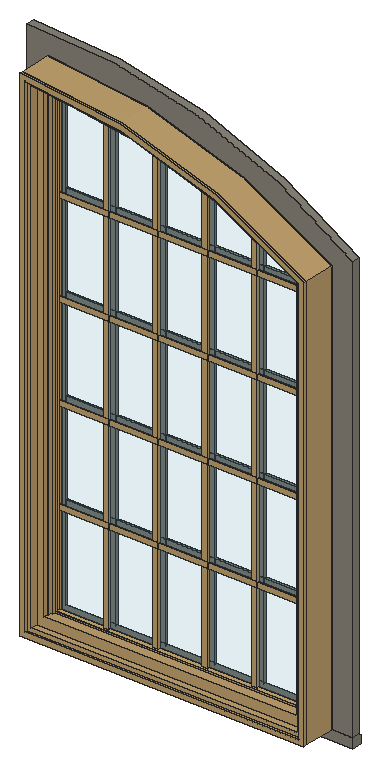
Revit family
Parameters (values of type "CUCART4072")
  Window Type = "Clad Ultimate Casement Round Top RT21"
  URL = "www.marvin.com"
  Subsill Height_2 = if(Subsill A217, 0' 1 11/32", 0' 0 9/16")  # 0' - 1 11/32"
  Subsill Height = if(Subsill A217 Visibility, 0' 1 11/32", if(Subsill A246 Visibility, 0' 0 9/16", 0' 0"))  # 0' - 1 11/32"
  Subsill A246 Visibility = and(Subsill Visibility, Subsill A246)  # no
  Subsill A217 Visibility = and(Subsill Visibility, Subsill A217)  # yes
  RO Radius Constraint = if(RO Radius > (Rough Width) + 0' 1", RO Radius, (Rough Width) + 0' 1")  # 6' - 0 1/2"
  RO Radius = 6' - 0 1/2"
  Plan Swing Angle [instance] = 15.00°
  Muntins Interior Visibility = yes
  Muntins Interior Material = Wood-Marvin-Pine
  Muntins Exterior Visibility = yes
  Muntins Exterior Material = Aluminum-Marvin-Bronze
  Mask Offset [instance] = if(Inset to Installation Flange = 0' 1 3/32", 0' 0 1/32", 0' 0")  # 0' - 0"
  Lites Wide = 5
  Lites High = 5
  Label Egress = if(and(Width > 2' 3 1/8", Height > 4' 5"), "EGRESS WDW", "")  # "EGRESS WDW"
  Interior Material = Wood-Marvin-Pine
  Frame = "Aluminum Clad"
  Flat Casing Visibility = and(Casing Visibility, Flat Casing)  # yes
  Egress Window = "Yes"
  Design Pressure = "DP50"
  Daylight Area = (DLO Height - DLO Arc Height) * DLO Width + DLO Segment Area  # 15.1233 SF
  DLO Arc Height = DLO Radius - sqrt((DLO Radius ^ 2) - ((DLO Width / 2) ^ 2))  # 0' - 2.14788"
  Cladding Material = Aluminum-Marvin-Bronze
  Casing Width_2 = if(BMC, 0' 1 5/16", 0' 3")  # 0' - 3"
  Casing Visibility = yes
  Subsill Visibility = yes
  BMC Visibility = and(Casing Visibility, BMC)  # no
  BMC = no
  Flat Casing = not(BMC)  # yes
  Subsill A246 = no
  Subsill A217 = not(Subsill A246)  # yes
  Plan Swing Visibility [instance] = yes
  Glazing Material = Glass-Marvin-IG Low E II with Argon
  Radius = RO Radius Constraint - 0' 0 1/2"  # 6' - 0"
  Nominal Width = 3' - 4"
  Nominal Height = 6' - 0"
  Model = "CUCART4072"
  Mask [instance] = Inset to Installation Flange > 0' 1 3/32"  # no
  Manufacturer = "Marvin Windows and Doors"
  Label Visibility = no
  Glass Type = "IG Low E II with Argon"
  Family created by = "www.rbuiltcomponents.com"
  Rough Width = Width + 0' 1"  # 3' - 5"
  Rough Height = Height + 0' 0 1/2"  # 5' - 11 5/8"
  Jamb Extension Visibility = yes
  Inset to Installation Flange [instance] = 0' - 1"
  Height = Nominal Height - 0' 0 7/8"  # 5' - 11 1/8"
  Elev Swing Visibility [instance] = yes
  Description = "4072 CSMT RT21"
  Default Head Height = 8' - 0"
  Wall Closure = (empty or 0)
  Width = Nominal Width  # 3' - 4"
  DLO Radius = Radius - 0' 2 29/32"  # 5' - 9 3/32"
  DLO Width = Width - 0' 5 13/16"  # 2' - 10 3/16"
  DLO Height = Height - 0' 5 13/16"  # 5' - 5 5/16"
  Casing Width = if(BMC Visibility, 0' 1 5/16", if(Flat Casing Visibility, 0' 3", 0' 0"))  # 0' - 3"
  Casing Radius = Radius + Casing Width  # 6' - 3"
  Assembly Code = ""
  DLO Segment Area = ((DLO Radius ^ 2) / 2 * ((3.1416 / 180) * Angle Sector2 - sin(Angle Sector)) / 2) - (DLO Arc Height * 0' 2 29/32")  # 0.127161 SF
  Arc Height = RO Radius Constraint - sqrt((RO Radius Constraint ^ 2) - (Rough Width ^ 2))  # 1' - 0.70661"
  Angle Sector2 = Angle Sector * 1 / 1.00°  # 28.6473
  Angle Sector = 2 * acos((DLO Radius - DLO Arc Height) / DLO Radius)  # 28.6473°
Reference planes (in)
  plane 1 "Center (Front/Back)": y = 0
  plane 2: z = 0
  plane 3 "Center (Left/Right)": x = -3
  plane 4 "Left": x = -23
  plane 5 "Right": x = 17
  plane 6 "Sill": z = 24.875
  plane 7 "Top": z = 96
  plane 8 "Inset": y = 2
  plane 9 "Glazing": y = 1.53125
  plane 10 "Jamb Ext Face": y = -2.5625
  plane 11: z = 83.79339
  plane 12: z = 60.4375
  plane 13: z = 96.5
  plane 14: x = 17.5
  plane 15: x = -23.5
  plane 16: y = -2.59375
Forms (in)
  Sweep 1, solid, material "Wood-Marvin-Pine" <- "Interior Material"
    path origin (0, 2, 0) x (1, 0, 0) y (0, 0, 1)
      loop
        line (-23, 95.99826) -> (-23, 24.875) -> (17, 24.875) -> (17, 83.5294)
        arc (17, 83.5294) -> (-2.07296, 92.73778) -> (-23, 95.99826) r 72
    profile "Profile_Ext_Clad_Frame : Profile_Ext_Clad_Frame" origin (-23, 2, 60.43663) x (1, 0, 0) y (0, -1, 0)
      loop
        line (0, 4.56199) -> (0, 0.0625) -> (0.0625, 0.0625) -> (0.0625, 0) -> (0, 0) -> (0, -1.09401) -> (0.52105, -1.09401) -> (0.6063, 0.125) -> (2.696, 0.125) -> (2.696, 0.22017) -> (2.90625, 0.43042) -> (2.90625, 0.47297) -> (2.208, 0.47297) -> (2.208, 1.50299) -> (2.90625, 1.50299) -> (2.90625, 1.66374) -> (2.677, 1.89299) -> (2.677, 2) -> (2.5005, 2) -> (2.5005, 2.34399) -> (2.313, 2.34399) -> (2.313, 2.87449) -> (2.1255, 2.87449) -> (2.1255, 3.53074) -> (1.188, 3.53074) -> (1.188, 4.56199) -> (0, 4.56199)
  Extrusion 2, solid, material "Glass-Marvin-IG Low E II with Argon" <- "Glazing Material"
    sketch origin (0, 1.53125, 0) x (1, 0, 0) y (0, 0, 1)
      loop
        line (14.792, 27.083) -> (14.792, 82.34934)
        arc (14.792, 82.34934) -> (-2.22364, 90.46984) -> (-20.792, 93.73944) r 69.792
        line (-20.792, 93.73944) -> (-20.792, 27.083) -> (14.792, 27.083)
    from 0 to 1.03424
  Extrusion 3, void
    sketch origin (0, 0, 0) x (1, 0, 0) y (0, 0, 1)
      loop
        line (17, 24.875) -> (17, 83.5294)
        arc (17, 83.5294) -> (-2.07296, 92.73778) -> (-23, 95.99826) r 72
        line (-23, 95.99826) -> (-23, 24.875) -> (17, 24.875)
    from -2 to 3
  Extrusion 4, void
    sketch origin (0, 0, 0) x (1, 0, 0) y (0, 0, 1)
      loop
        line (20, 23.53125) -> (20, 85.09624)
        arc (20, 85.09624) -> (-1.86001, 95.81024) -> (-26, 98.95832) r 75
        line (-26, 98.95832) -> (-26, 23.53125) -> (20, 23.53125)
    from -2 to -3.12756
  Sweep 5, solid, material "Aluminum-Marvin-Bronze" <- "Cladding Material", visible <- "BMC Visibility"
    path origin (0, 2, 0) x (1, 0, 0) y (0, 0, 1)
      loop
        line (17, 24.875) -> (17, 83.5294)
        arc (17, 83.5294) -> (-2.07296, 92.73778) -> (-23, 95.99826) r 72
        line (-23, 95.99826) -> (-23, 24.875)
    profile "BMC_Clad : BMC_Clad" origin (-23, 2, 60.43663) x (1, 0, 0) y (0, -1, 0)
      loop
        line (-0.71589, -1.25) -> (-0.38081, -1.09375) -> (0, -1.09375) -> (0, 0) -> (-1.3125, 0) -> (-1.3125, -1.25) -> (-0.71589, -1.25)
  Sweep 6, solid, material "Aluminum-Marvin-Bronze" <- "Cladding Material", visible <- "Flat Casing Visibility"
    path origin (0, 2, 0) x (1, 0, 0) y (0, 0, 1)
      loop
        line (-23, 24.875) -> (-23, 95.99826)
        arc (-23, 95.99826) -> (-2.07296, 92.73778) -> (17, 83.5294) r 72
        line (17, 83.5294) -> (17, 24.875)
    profile "Flat_Casing_Clad : Flat_Casing_Clad" origin (17, 2, 54.2022) x (1, 0, 0) y (0, -1, 0)
      loop
        line (3, -1.09375) -> (3, 0) -> (0, 0) -> (0, -1.09375) -> (3, -1.09375)
  Sweep 7, solid, material "Aluminum-Marvin-Bronze" <- "Cladding Material", visible <- "Subsill Visibility"
    path origin (0, 2, 0) x (1, 0, 0) y (0, 0, 1)
      loop
        line (20, 24.875) -> (-26, 24.875)
    profile origin (-3, 2, 24.875) x (0, 0, -1) y (0, -1, 0)
      loop
        line (0, 0) -> (0, -1.09401) -> (0.15265, -1.09401) -> (0.1875, -1.34375) -> (1.34375, -1.34375) -> (1.34375, 0) -> (0, 0)
  Extrusion 8, solid, material "Wood-Marvin-Pine" <- "Interior Material", visible <- "Jamb Extension Visibility"
    sketch origin (0, -2.5625, 0) x (1, 0, 0) y (0, 0, 1)
      loop
        line (-23, 24.875) -> (17, 24.875) -> (17, 83.5294)
        arc (17, 83.5294) -> (-2.07296, 92.73778) -> (-23, 95.99826) r 72
        line (-23, 95.99826) -> (-23, 24.875)
      loop
        arc (16.3125, 83.17084) -> (-2.12064, 92.03783) -> (-22.3125, 95.30788) r 71.31776
        line (-22.3125, 95.30788) -> (-22.3125, 25.5625) -> (16.3125, 25.5625) -> (16.3125, 83.17084)
    from 0.4375 to 0.03125
  Sweep 9, solid, material "Wood-Marvin-Pine" <- "Interior Material"
    path in 3D
      loop
        line (-20.8745, -1.53074, 27.0005) -> (14.8745, -1.53074, 27.0005)
    profile "Profile_Sill_Close : Profile_Sill_Close" origin (-3, -1.53074, 27.0005) x (0, 1, 0) y (0, 0, 1)
      loop
        line (0, 0) -> (0.65625, 0) -> (0.65625, 0.1875) -> (1.18675, 0.1875) -> (1.18675, 0.375) -> (0, 0.375) -> (0, 0)
Cuts and joins
  joined: Sweep 1, Sweep 9
Lines and regions (in)
  Masking region 1
    outline origin (0, 0, 24.875) x (0, -1, 0) y (1, 0, 0)
      loop
        line (-3.09401, -23) -> (2.5625, -23) -> (2.5625, 17) -> (-3.09401, 17) -> (-3.09401, -23)
  Masking region 2
    outline origin (-3, 0, 0) x (0, 1, 0) y (0, 0, 1)
      loop
        line (3.09375, 96) -> (-2.5625, 96) -> (-2.5625, 24.875) -> (3.09375, 24.875) -> (3.09375, 96)
  Masking region 3, visible <- "Mask"
    outline origin (0, 0, 24.875) x (0, -1, 0) y (1, 0, 0)
      loop
        line (-3.09401, -26) -> (-3, -26) -> (-3, 20) -> (-3.09401, 20) -> (-3.09401, -26)
  Masking region 4, visible <- "Mask"
    outline origin (-3, 0, 0) x (0, 1, 0) y (0, 0, 1)
      loop
        line (3.09375, 99) -> (3, 99) -> (3, 23.53125) -> (3.09375, 23.53125) -> (3.09375, 99)
  Masking region 5, visible <- "Casing Visibility"
    outline origin (0, 0, 24.875) x (0, -1, 0) y (1, 0, 0)
      loop
        line (-3.09401, -26) -> (-2, -26) -> (-2, -23) -> (-3.09401, -23) -> (-3.09401, -26)
      loop
        line (-3.09401, 17) -> (-2, 17) -> (-2, 20) -> (-3.09401, 20) -> (-3.09401, 17)
  Masking region 6, visible <- "Subsill Visibility"
    outline origin (-3, 0, 0) x (0, 1, 0) y (0, 0, 1)
      loop
        line (3.34375, 23.53125) -> (3.34375, 24.6875) -> (3.09401, 24.72235) -> (3.09401, 24.875) -> (2, 24.875) -> (2, 23.53125) -> (3.34375, 23.53125)
  Masking region 7, visible <- "Casing Visibility"
    outline origin (-3, 0, 0) x (0, 1, 0) y (0, 0, 1)
      loop
        line (3.09375, 99) -> (2, 99) -> (2, 96) -> (3.09375, 96) -> (3.09375, 99)
  Masking region 8
    outline origin (0, 0, 24.875) x (0, -1, 0) y (1, 0, 0)
      loop
        line (2.59375, -23) -> (3, -23) -> (3, 17) -> (2.59375, 17) -> (2.59375, -23)
  Masking region 9
    outline origin (-3, 0, 0) x (0, 1, 0) y (0, 0, 1)
      loop
        line (-2.59375, 96) -> (-3, 96) -> (-3, 24.875) -> (-2.59375, 24.875) -> (-2.59375, 96)
  symbolic lines, style "Jamb Extension", visible <- "Jamb Extension Visibility", detail levels fine
    curve 1: line (-3, -3, 95.3125) -> (-3, -2.59375, 95.3125)
    curve 2: line (-3, -3, 25.5625) -> (-3, -2.59375, 25.5625)
    curve 50: line (-22.3125, -2.59375, 24.875) -> (-22.3125, -3, 24.875)
    curve 51: line (16.3125, -3, 24.875) -> (16.3125, -2.59375, 24.875)
    curve 52: line (17, -3, 24.875) -> (16.3125, -3, 24.875)
    curve 53: line (-22.3125, -3, 24.875) -> (-23, -3, 24.875)
  symbolic lines, style "WindowsFrameMullionProjection", detail levels coarse+medium
    curve 3: line (17, -2.5625, 24.875) -> (15.812, -2.5625, 24.875)
    curve 4: line (15.812, -2.5625, 24.875) -> (15.812, 3.09401, 24.875)
    curve 5: line (15.812, 3.09401, 24.875) -> (17, 3.09401, 24.875)
    curve 6: line (15.812, 1.875, 24.875) -> (14.09375, 1.875, 24.875)
    curve 7: line (14.09375, 1.875, 24.875) -> (14.09375, 0, 24.875)
    curve 8: line (-21.812, 0, 24.875) -> (-20.09375, 0, 24.875)
    curve 9: line (-23, -2.5625, 24.875) -> (-21.812, -2.5625, 24.875)
    curve 10: line (-21.812, -2.5625, 24.875) -> (-21.812, 3.09401, 24.875)
    curve 11: line (-21.812, 3.09401, 24.875) -> (-23, 3.09401, 24.875)
    curve 12: line (-20.09375, 1.875, 24.875) -> (-20.09375, 0, 24.875)
    curve 13: line (-3, 3.09401, 96) -> (-3, 3.09401, 94.812)
    curve 14: line (-3, 3.09401, 94.812) -> (-3, -2.5625, 94.812)
    curve 15: line (-3, -2.5625, 94.812) -> (-3, -2.5625, 96)
    curve 16: line (-3, 1.875, 94.812) -> (-3, 1.875, 93.09375)
    curve 17: line (-3, 1.875, 93.09375) -> (-3, 0, 93.09375)
    curve 18: line (-3, 0, 26.063) -> (-3, 0, 27.78125)
    curve 19: line (-3, 3.09401, 24.875) -> (-3, 3.09401, 26.063)
    curve 20: line (-3, 3.09401, 26.063) -> (-3, -2.5625, 26.063)
    curve 21: line (-3, -2.5625, 26.063) -> (-3, -2.5625, 24.875)
    curve 22: line (-3, 1.875, 27.78125) -> (-3, 0, 27.78125)
    curve 23: line (14.09375, 1.875, 24.875) -> (-20.09375, 1.875, 24.875)
    curve 24: line (14.09375, 0, 24.875) -> (15.812, 0, 24.875)
    curve 25: line (-20.09375, 1.875, 24.875) -> (-21.812, 1.875, 24.875)
    curve 26: line (-3, 0, 27.78125) -> (-3, 0, 93.09375)
    curve 27: line (-3, 1.875, 27.78125) -> (-3, 1.875, 26.063)
    curve 28: line (-3, 0, 93.09375) -> (-3, 0, 94.812)
    curve 29: line (-3, 1.875, 93.09375) -> (-3, 1.875, 27.78125)
    curve 39: line (-20.09375, 0, 24.875) -> (14.09375, 0, 24.875)
    curve 74: line (-3, -3, 96) -> (-3, 3.09375, 96)
    curve 85: line (-23, 3.09375, 24.875) -> (-23, -3, 24.875)
    curve 91: line (17, 3.09375, 24.875) -> (17, -3, 24.875)
  symbolic lines, style "WindowsFrameMullionProjection"
    curve 30: line (-3, -2.5625, 26.063) -> (-3, -2.5625, 95.3125)
    curve 96: line (-21.812, -2.5625, 24.875) -> (15.812, -2.5625, 24.875)
  symbolic lines, style "Jamb Extension", visible <- "Jamb Extension Visibility"
    curve 31: line (-3, -3, 25.5625) -> (-3, -3, 24.875)
    curve 32: line (-3, -3, 95.3125) -> (-3, -3, 96)
  symbolic lines, style "WindowsFrameMullionProjection", visible <- "Jamb Extension Visibility", detail levels coarse+medium
    curve 33: line (-3, -2.59375, 95.3125) -> (-3, -3, 95.3125)
    curve 34: line (-3, -3, 95.3125) -> (-3, -3, 96)
    curve 35: line (-3, -2.59375, 25.5625) -> (-3, -3, 25.5625)
    curve 36: line (-3, -3, 25.5625) -> (-3, -3, 24.875)
    curve 54: line (-22.3125, -2.59375, 24.875) -> (-22.3125, -3, 24.875)
    curve 55: line (-23, -3, 24.875) -> (-22.3125, -3, 24.875)
    curve 56: line (16.3125, -3, 24.875) -> (16.3125, -2.59375, 24.875)
    curve 57: line (16.3125, -3, 24.875) -> (17, -3, 24.875)
  symbolic lines, style "Elevation Swing", visible <- "Elev Swing Visibility"
    curve 37: line (16.3937, 0, 60.4375) -> (-22.3937, 0, 25.4813)
    curve 92: line (16.3937, 0, 60.4375) -> (-22.3937, 0, 95.38513)
  symbolic lines, style "WindowsGlassProjection", detail levels coarse+medium
    curve 38: line (-20.09375, 0.9375, 24.875) -> (14.09375, 0.9375, 24.875)
    curve 70: line (-3, 0.9375, 27.78125) -> (-3, 0.9375, 93.09375)
  symbolic lines, style "Jamb Extension", visible <- "BMC Visibility", detail levels fine
    curve 40: line (-24.3125, 3.25, 24.875) -> (-23.71589, 3.25, 24.875)
    curve 41: line (-23.71589, 3.25, 24.875) -> (-23.38081, 3.09375, 24.875)
    curve 42: line (-24.3125, 3.09401, 24.875) -> (-24.3125, 3.25, 24.875)
    curve 43: line (17.71589, 3.25, 24.875) -> (18.3125, 3.25, 24.875)
    curve 44: line (17.38081, 3.09375, 24.875) -> (17.71589, 3.25, 24.875)
    curve 45: line (18.3125, 3.25, 24.875) -> (18.3125, 3.09401, 24.875)
    curve 46: line (-23.38081, 3.09375, 24.875) -> (-23, 3.09375, 24.875)
    curve 47: line (17.38081, 3.09375, 24.875) -> (17, 3.09375, 24.875)
    curve 76: line (-3, 3.25, 96.65144) -> (-3, 3.25, 99)
    curve 77: line (-3, 3.09375, 96) -> (-3, 3.09375, 96.38081)
    curve 78: line (-3, 3.09375, 96.38081) -> (-3, 3.25, 96.65144)
    curve 79: line (-3, 3.25, 99) -> (-3, 3.09375, 99)
  symbolic lines, style "Jamb Extension", visible <- "Flat Casing Visibility", detail levels fine
    curve 48: line (-23, 3.09401, 24.875) -> (-26, 3.09401, 24.875)
    curve 49: line (20, 3.09401, 24.875) -> (17, 3.09401, 24.875)
    curve 83: line (-3, 3.09375, 96) -> (-3, 3.09375, 99)
    curve 84: line (-3, 3.09375, 99) -> (-3, 2, 99)
  symbolic lines, style "WindowsFrameMullionProjection", visible <- "BMC Visibility", detail levels coarse+medium
    curve 58: line (-24.3125, 2, 24.875) -> (-24.3125, 3.25, 24.875)
    curve 59: line (-24.3125, 3.25, 24.875) -> (-23.71589, 3.25, 24.875)
    curve 60: line (-23.71589, 3.25, 24.875) -> (-23.38081, 3.09375, 24.875)
    curve 61: line (-23.38081, 3.09375, 24.875) -> (-23, 3.09375, 24.875)
    curve 62: line (18.3125, 3.25, 24.875) -> (18.3125, 2, 24.875)
    curve 63: line (17.38081, 3.09375, 24.875) -> (17.71589, 3.25, 24.875)
    curve 64: line (17.71589, 3.25, 24.875) -> (18.3125, 3.25, 24.875)
    curve 65: line (17, 3.09375, 24.875) -> (17.38081, 3.09375, 24.875)
    curve 71: line (-3, 3.25, 96.65144) -> (-3, 3.25, 99)
    curve 72: line (-3, 3.09375, 96) -> (-3, 3.09375, 96.38081)
    curve 73: line (-3, 3.09375, 96.38081) -> (-3, 3.25, 96.65144)
    curve 75: line (-3, 3.25, 99) -> (-3, 2, 99)
  symbolic lines, style "WindowsFrameMullionProjection", visible <- "Flat Casing Visibility", detail levels coarse+medium
    curve 66: line (20, 3.09401, 24.875) -> (17, 3.09401, 24.875)
    curve 67: line (20, 3.09401, 24.875) -> (20, 2, 24.875)
    curve 68: line (-26, 2, 24.875) -> (-26, 3.09401, 24.875)
    curve 69: line (-23, 3.09401, 24.875) -> (-26, 3.09401, 24.875)
    curve 81: line (-3, 3.09375, 96) -> (-3, 3.09375, 99)
    curve 82: line (-3, 3.09375, 99) -> (-3, 2, 99)
  symbolic lines, style "WindowsFrameMullionProjection", visible <- "Casing Visibility", detail levels coarse+medium
    curve 80: line (-3, 2, 99) -> (-3, 2, 96)
  symbolic lines, style "WindowsFrameMullionProjection", visible <- "Subsill Visibility", detail levels coarse+medium
    curve 86: line (-3, 3.09401, 24.72235) -> (-3, 3.09401, 24.875)
    curve 87: line (-3, 3.34375, 24.6875) -> (-3, 3.09401, 24.72235)
    curve 88: line (-3, 3.34375, 23.53125) -> (-3, 3.34375, 24.6875)
    curve 89: line (-3, 2, 23.53125) -> (-3, 3.34375, 23.53125)
  sketch lines
    curve 90: line (-20.8745, -1.53074, 27.0005) -> (14.8745, -1.53074, 27.0005)
  reference lines
    curve 93: arc (17.5, 2, 83.79339) -> (-2.03807, 2, 93.25053) -> (-23.5, 2, 96.5) r 72.5
    curve 94: arc (17.36657, 2, 83.27835) -> (-2.09955, 2, 92.74606) -> (-23.5, 2, 96) r 72
    curve 95: arc (-23.5, 2, 99) -> (-1.20786, 2, 95.61048) -> (19.06935, 2, 85.74828) r 75
Text (in)
  text "EXTERIOR" at (-58.6888, 50.90694, 0), in view "Ref. Level"
  text "INTERIOR" at (-58.6888, -37.76638, 0), in view "Ref. Level"
  text "Exterior" at (0, 43.65631, 123.19604), in view "Left"
  text "Exterior" at (0, 18.29385, 125.04747), in view "Right"
Dimensions and locks (in)
  equal spacing: plane 4 "Left", plane 3 "Center (Left/Right)", plane 5 "Right"
  "Width": plane 4 "Left" to plane 5 "Right"
  "Height": plane 6 "Sill" to plane 7 "Top"
  "Inset to Installation Flange": host wall to plane 8 "Inset"
  locked: plane 9 "Glazing" to plane 8 "Inset" at 0.46875
  locked: plane 10 "Jamb Ext Face" to plane 8 "Inset" at 4.5625
  "Default Head Height": plane 2 to plane 7 "Top"
  locked: nested 2 to host wall at 12.00106
  locked: plane 9 "Glazing" to Extrusion 2 at 1.03424
  locked: curve 33 to plane 7 "Top" at 0.6875
  locked: plane 6 "Sill" to curve 35 at 0.6875
  equal spacing: plane 6 "Sill", plane 12, plane 7 "Top"
  "Subsill Height": Extrusion 4 sketch curve to plane 6 "Sill"
  "Casing Width": Extrusion 4 sketch curve to plane 4 "Left"
  "Casing Width": plane 5 "Right" to Sweep 7 sketch curve
  "Casing Width": Sweep 7 sketch curve to plane 4 "Left"
  locked: Sweep 7 sketch curve to Sweep 7 sketch curve at 1.34375
  "Subsill Height_2": Sweep 7 sketch curve to plane 6 "Sill"
  locked: plane 4 "Left" to Extrusion 8 sketch curve at 0.6875
  locked: Extrusion 8 sketch curve to plane 5 "Right" at 0.6875
  locked: Extrusion 8 sketch curve to plane 6 "Sill" at 0.6875
  "Casing Width": Masking region 3 sketch curve to plane 4 "Left"
  "Casing Width": plane 5 "Right" to Masking region 3 sketch curve
  "Casing Width_2": Masking region 5 sketch curve to plane 4 "Left"
  "Casing Width_2": plane 5 "Right" to Masking region 5 sketch curve
  locked: Extrusion 4 to host wall at 0.12756
  "Subsill Height": Masking region 4 sketch curve to plane 6 "Sill"
  "Casing Width": plane 7 "Top" to Masking region 4 sketch curve
  "Casing Width_2": plane 7 "Top" to Masking region 7 sketch curve
  locked: nested 5 to plane 9 "Glazing" at 1.03125
  locked: plane 7 "Top" to plane 13 at 0.5
  "Arc Height": plane 11 to plane 13
  locked: plane 5 "Right" to plane 14 at 0.5
  locked: plane 15 to plane 4 "Left" at 0.5
  "Casing Width": plane 5 "Right" to Extrusion 4 sketch curve
  plane 6 "Sill" to plane 11 = 4' - 10.91839"
  locked: Extrusion 8 sketch curve to plane 7 "Top" at 0.69212
  locked: plane 16 to plane 10 "Jamb Ext Face" at 0.03125
  "Mask Offset": Masking region 3 sketch curve to host wall
  "Mask Offset": Masking region 4 sketch curve to host wall
  "RO Radius Constraint": radius of curve 93
  "Radius": radius of curve 94
  "Casing Radius": radius of curve 95
  aligned and locked: nested 1 to plane 3 "Center (Left/Right)"
  aligned and locked: plane 8 "Inset" to nested 1
  aligned and locked: Sweep 1 sketch curve to plane 6 "Sill"
  aligned and locked: plane 5 "Right" to Sweep 1 sketch curve
  aligned and locked: plane 5 "Right" to Masking region 1 sketch curve
  aligned and locked: Masking region 1 sketch curve to plane 4 "Left"
  aligned and locked: plane 7 "Top" to Masking region 2 sketch curve
  aligned and locked: Masking region 2 sketch curve to plane 6 "Sill"
  aligned and locked: plane 3 "Center (Left/Right)" to nested 2
  aligned and locked: curve 21 to plane 10 "Jamb Ext Face"
  aligned and locked: curve 20 to curve 30
  aligned and locked: plane 6 "Sill" to curve 31
  aligned and locked: curve 31 to host wall
  aligned and locked: host wall to curve 34
  aligned and locked: plane 6 "Sill" to curve 36
  aligned and locked: Extrusion 2 to plane 9 "Glazing"
  aligned and locked: plane 9 "Glazing" to Extrusion 2
  aligned and locked: nested 3 to plane 6 "Sill"
  aligned and locked: curve 14 to nested 3
  aligned and locked: curve 13 to nested 3
  aligned and locked: curve 16 to nested 3
  aligned and locked: curve 28 to nested 3
  aligned and locked: curve 17 to nested 3
  aligned and locked: curve 19 to nested 3
  aligned and locked: curve 20 to nested 3
  aligned and locked: curve 22 to nested 3
  aligned and locked: curve 27 to nested 3
  aligned and locked: nested 3 to curve 18
  aligned and locked: Sweep 1 to Extrusion 2 sketch curve
  aligned and locked: Extrusion 2 sketch curve to Sweep 1
  aligned and locked: Extrusion 3 to plane 8 "Inset"
  aligned and locked: host wall to Extrusion 3
  aligned and locked: Extrusion 3 sketch curve to plane 6 "Sill"
  aligned and locked: Extrusion 3 sketch curve to plane 4 "Left"
  aligned and locked: Sweep 5 sketch curve to plane 4 "Left"
  aligned and locked: plane 6 "Sill" to Sweep 5 sketch curve  (x2)
  aligned and locked: plane 6 "Sill" to Sweep 6 sketch curve  (x2)
  aligned and locked: Sweep 6 sketch curve to plane 4 "Left"
  aligned and locked: plane 6 "Sill" to Sweep 7 sketch curve  (x2)
  aligned and locked: Sweep 7 sketch curve to plane 8 "Inset"
  aligned and locked: Extrusion 8 sketch curve to plane 6 "Sill"
  aligned and locked: plane 5 "Right" to Extrusion 8 sketch curve
  aligned and locked: host wall to Extrusion 8
  aligned and locked: Masking region 3 sketch curve to Sweep 1
  aligned and locked: Masking region 1 sketch curve to Sweep 1
  aligned and locked: plane 4 "Left" to Masking region 5 sketch curve
  aligned and locked: Masking region 5 sketch curve to Sweep 1  (x2)
  aligned and locked: Masking region 5 sketch curve to plane 8 "Inset"  (x2)
  aligned and locked: Masking region 5 sketch curve to plane 5 "Right"
  aligned and locked: curve 7 to curve 38
  aligned and locked: curve 12 to curve 39
  aligned and locked: curve 8 to curve 39
  aligned and locked: curve 40 to Sweep 5
  aligned and locked: Sweep 5 to curve 41
  aligned and locked: Sweep 5 to curve 42
  aligned and locked: Sweep 1 to curve 42
  aligned and locked: curve 45 to Sweep 1
  aligned and locked: curve 47 to Sweep 5
  aligned and locked: plane 5 "Right" to curve 47
  aligned and locked: curve 48 to Masking region 5
  aligned and locked: plane 8 "Inset" to Extrusion 4
  aligned and locked: curve 50 to Extrusion 8
  aligned and locked: Extrusion 8 to curve 54  (x2)
  aligned and locked: curve 56 to Extrusion 8
  aligned and locked: curve 58 to Sweep 5
  aligned and locked: curve 61 to Sweep 5
  aligned and locked: curve 66 to Masking region 5
  aligned and locked: curve 67 to Sweep 6
  aligned and locked: curve 68 to Sweep 6
  aligned and locked: Masking region 2 sketch curve to Sweep 6
  aligned and locked: nested 3 to plane 8 "Inset"
  aligned and locked: Masking region 4 sketch curve to Sweep 6
  aligned and locked: Masking region 6 sketch curve to Sweep 7  (x6)
  aligned and locked: Masking region 7 sketch curve to plane 7 "Top"
  aligned and locked: Masking region 7 sketch curve to plane 8 "Inset"
  aligned and locked: Masking region 7 sketch curve to Sweep 6
  aligned and locked: Sweep 5 to curve 72
  aligned and locked: curve 74 to nested 3
  aligned and locked: curve 75 to Masking region 7
  aligned and locked: Sweep 5 to curve 76
  aligned and locked: curve 80 to Sweep 5
  aligned and locked: curve 84 to Masking region 7
  aligned and locked: curve 85 to Sweep 6
  aligned and locked: plane 12 to nested 4
  aligned and locked: nested 5 to plane 12
  aligned and locked: nested 4 to plane 3 "Center (Left/Right)"
  aligned and locked: plane 3 "Center (Left/Right)" to nested 5
  aligned and locked: plane 9 "Glazing" to nested 4
  aligned and locked: curve 86 to Sweep 7
  aligned and locked: curve 87 to Sweep 7
  aligned and locked: curve 88 to Sweep 7
  aligned and locked: curve 89 to Sweep 7
  aligned and locked: Sweep 1 sketch curve to plane 4 "Left"
  aligned and locked: plane 5 "Right" to Sweep 5 sketch curve
  aligned and locked: Sweep 6 sketch curve to plane 5 "Right"
  aligned and locked: plane 5 "Right" to Extrusion 3 sketch curve
  aligned and locked: cut or joined group of Sweep 1, Sweep 9 to Extrusion 2 sketch curve
  aligned and locked: plane 4 "Left" to Extrusion 8 sketch curve
  aligned and locked: plane 5 "Right" to curve 91
  aligned and locked: cut or joined group of Sweep 1, Sweep 9 to curve 37
  aligned and locked: plane 15 to curve 93  (x2)
  aligned and locked: plane 14 to curve 93
  aligned and locked: plane 13 to curve 93
  aligned and locked: plane 15 to curve 94  (x2)
  aligned and locked: plane 7 "Top" to curve 94
  aligned and locked: Sweep 1 sketch curve to curve 94
  aligned and locked: Sweep 6 sketch curve to curve 94
  aligned and locked: Sweep 5 sketch curve to curve 94
  aligned and locked: Extrusion 2 sketch curve to cut or joined group of Sweep 1, Sweep 9
  aligned and locked: Extrusion 3 sketch curve to curve 94
  aligned and locked: Extrusion 8 sketch curve to curve 94
  aligned and locked: plane 15 to curve 95
  aligned and locked: Extrusion 4 sketch curve to curve 95
  aligned and locked: curve 8 to cut or joined group of Sweep 1, Sweep 9
  aligned and locked: cut or joined group of Sweep 1, Sweep 9 to curve 24
  aligned and locked: plane 12 to curve 37
  aligned and locked: curve 37 to cut or joined group of Sweep 1, Sweep 9
  aligned and locked: curve 92 to cut or joined group of Sweep 1, Sweep 9
  aligned and locked: curve 9 to curve 96
  aligned and locked: host wall to curve 85
  aligned and locked: host wall to curve 91
  aligned and locked: Extrusion 8 to curve 50
  aligned and locked: Extrusion 8 to curve 51
  aligned and locked: Extrusion 8 to curve 56
  aligned and locked: Masking region 1 sketch curve to plane 10 "Jamb Ext Face"
  aligned and locked: Masking region 8 sketch curve to plane 4 "Left"
  aligned and locked: plane 5 "Right" to Masking region 8 sketch curve
  aligned and locked: plane 16 to Masking region 8 sketch curve
  aligned and locked: Masking region 8 sketch curve to host wall
  aligned and locked: Extrusion 8 to curve 33
  aligned and locked: Extrusion 8 to curve 1
  aligned and locked: Extrusion 8 to curve 35
  aligned and locked: Extrusion 8 to curve 2
  aligned and locked: Extrusion 8 to plane 16
  aligned and locked: Masking region 2 sketch curve to plane 10 "Jamb Ext Face"
  aligned and locked: plane 7 "Top" to Masking region 9 sketch curve
  aligned and locked: Masking region 9 sketch curve to plane 6 "Sill"
  aligned and locked: plane 16 to Masking region 9 sketch curve
  aligned and locked: Masking region 9 sketch curve to host wall
Automatic sketch dimensions
  Sweep 7 sketch curve to Sweep 7 sketch curve = 0' - 0.15265"
  Sweep 7 sketch curve to Sweep 7 sketch curve = 0' - 0.03485"
  Sweep 7 sketch curve to Sweep 7 sketch curve = 0' - 0.24974"
  plane 14 to curve 94 = 0' - 0.13343"
  Extrusion 8 sketch curve to Extrusion 8 sketch curve = 0' - 0"  (x2)
  curve 93 to curve 95 = 0' - 0"
  curve 95 to plane 14 = 0' - 1.56935"
  plane 5 "Right" to curve 92 = 0' - 0.6063"
  plane 7 "Top" to curve 92 = 0' - 0.61487"
  curve 62 to plane 8 "Inset" = 0' - 0"
  curve 68 to plane 8 "Inset" = 0' - 0"
  curve 58 to plane 8 "Inset" = 0' - 0"
  curve 67 to plane 8 "Inset" = 0' - 0"
  curve 96 to plane 10 "Jamb Ext Face" = 0' - 0"
  curve 11 to plane 4 "Left" = 0' - 0"
  curve 49 to plane 5 "Right" = 0' - 0"
  curve 62 to curve 45 = 0' - 0.15599"
  plane 8 "Inset" to curve 25 = 0' - 0 1/8"
  plane 9 "Glazing" to curve 38 = 0' - 0 19/32"
  curve 8 to plane 4 "Left" = 0' - 1.188"
  curve 25 to curve 12 = 0' - 1.71825"
  plane 5 "Right" to curve 39 = 0' - 2 29/32"
  curve 4 to curve 51 = 0' - 0.5005"
  plane 14 to curve 47 = 0' - 0.11919"
  curve 43 to plane 14 = 0' - 0.21589"
  curve 43 to curve 62 = 0' - 0.59661"
  curve 15 to plane 10 "Jamb Ext Face" = 0' - 0"
  curve 89 to plane 8 "Inset" = 0' - 0"
  curve 21 to plane 6 "Sill" = 0' - 0"
  curve 86 to plane 6 "Sill" = 0' - 0"
  curve 13 to plane 7 "Top" = 0' - 0"
  curve 80 to plane 7 "Top" = 0' - 0"
  plane 9 "Glazing" to curve 70 = 0' - 0 19/32"
  curve 30 to curve 1 = 0' - 0"
  plane 13 to curve 73 = 0' - 0.11919"
  curve 71 to plane 13 = 0' - 0.15144"
Nested families (in)
  nested 1: "Roundtop_Plan_Detail" at (-3, 2, 24.875) x (-1, 0, 0) z (0, 0, -1), type "Roundtop_Plan_Detail"
    with Width 3' - 4", Plan Swing RH no, Plan Swing Length 3' - 1 5/8"
  nested 2: "Label Annotation 1-16 w" at (-3, 15.00106, 0), visible <- "Label Visibility", type "Label Annotation 1-16 w"
  nested 3: "Roundtop_Section_Detail" at (-3, 2, 24.875) x (0, -1, 0) z (1, 0, 0), type "Roundtop_Section_Detail", detail levels fine
    with Height 5' - 11 1/8"
  nested 4: "Muntins" at (-3, 1.53125, -8.21875), Muntin Material <- "Muntins Exterior Material", visible <- "Muntins Exterior Visibility", type "Muntins"
    with Muntin Material Aluminum-Marvin-Bronze, Arc Height 1' - 0.70661"
  nested 5: "Muntins" at (-3, 0.5, -8.21875), Muntin Material <- "Muntins Interior Material", visible <- "Muntins Interior Visibility", type "Muntins"
    with Muntin Material Wood-Marvin-Pine, Arc Height 1' - 0.70661"
Definition of nested family "Muntins"
  Parameters (values of type "Muntins")
    Radius Offset = RO Radius - 0' 3 3/16"  # 5' - 9 5/16"
    RO Radius = 6' - 0 1/2"
    GlazingWidth = 2' - 10 3/16"
    GlazingHeight = 5' - 5 5/16"
    Width = GlazingWidth + 0' 0 11/16"  # 2' - 10 7/8"
    VerticalMuntins = if(LitesHorizontal < 3, 2, LitesHorizontal - 1)  # 4
    VertMuntVisible = LitesHorizontal > 2  # yes
    MuntinWidth = 0' - 0 3/4"
    MuntinDepth = 0' - 0 1/4"
    Muntin Material [instance] = none
    LitesVertical = 5
    LitesHorizontal = 5
    HorizontalMuntins = if(LitesVertical < 3, 2, LitesVertical - 1)  # 4
    HorizMuntVisible = LitesVertical > 2  # yes
    Height = GlazingHeight + 0' 0 7/16"  # 5' - 5 3/4"
    Inset Vert = if(LitesHorizontal < 3, (Width / 3) - (MuntinWidth / 2), (Width / LitesHorizontal) - (MuntinWidth / 2))  # 0' - 6.6"
    Inset Horiz = if(LitesVertical < 3, (Height / 3) - (MuntinWidth / 2), (Height / LitesVertical) - (MuntinWidth / 2))  # 1' - 0.775"
    CenterMuntinVertical = LitesHorizontal = 2  # no
    CenterMuntinHorizontal = LitesVertical = 2  # no
    Assembly Code = ""
    Arc Height = 1' - 0 181/256"
  Reference planes (in)
    plane 1 "Center (Front/Back)": y = 0
    plane 2: z = 0
    plane 3 "Center (Left/Right)": x = 0
    plane 4: z = 35.78125
    plane 5: z = 68.65625
    plane 6: z = 101.53125
    plane 7: z = 88.75625
    plane 8: z = 48.55625
    plane 9: z = 101.3125
    plane 10: z = 36
    plane 11: x = -17.09375
    plane 12: x = 17.09375
    plane 13: x = -10.8375
    plane 14: x = -17.4375
    plane 15: x = 17.4375
    plane 16: x = 10.8375
    plane 17: z = 33.09375
    plane 18: z = 104.71875
    plane 19: z = 92.01172
    plane 20: x = -20.5
    plane 21: x = 20.5
  Forms (in)
    Extrusion 1, solid, material <- "Muntin Material", visible <- "CenterMuntinVertical", detail levels medium+fine
      sketch origin (9, 0, 0) x (1, 0, 0) y (0, 0, 1)
        loop
          line (-9.375, 101.53125) -> (-9.375, 35.78125) -> (-8.625, 35.78125) -> (-8.625, 101.53125) -> (-9.375, 101.53125)
      from 0 to 0.25 <- "MuntinDepth"
    Extrusion 2, solid, material <- "Muntin Material", visible <- "CenterMuntinHorizontal", detail levels medium+fine
      sketch origin (-0.0013, 0, 14.6875) x (1, 0, 0) y (0, 0, 1)
        loop
          line (-17.4362, 54.34375) -> (-17.4362, 53.59375) -> (17.4388, 53.59375) -> (17.4388, 54.34375) -> (-17.4362, 54.34375)
      from 0 to 0.25 <- "MuntinDepth"
    Extrusion 3, solid, material <- "Muntin Material", visible <- "VertMuntVisible", detail levels medium+fine
      sketch origin (-0.44762, 0, -2.90625) x (1, 0, 0) y (0, 0, 1)
        loop
          line (-10.38988, 104.4375) -> (-10.38988, 38.6875) -> (-9.63988, 38.6875) -> (-9.63988, 104.4375) -> (-10.38988, 104.4375)
      from 0 to 0.25 <- "MuntinDepth"
    Extrusion 4, solid, material <- "Muntin Material", visible <- "HorizMuntVisible", detail levels medium+fine
      sketch origin (2.1224, 0, 2.65893) x (1, 0, 0) y (0, 0, 1)
        loop
          line (-19.5599, 46.64732) -> (-19.5599, 45.89732) -> (15.3151, 45.89732) -> (15.3151, 46.64732) -> (-19.5599, 46.64732)
      from 0 to 0.25 <- "MuntinDepth"
    Extrusion 5, void
      sketch origin (0, 0, 0) x (1, 0, 0) y (0, 0, 1)
        loop
          line (17.3125, 33.09375) -> (20.5, 33.09375) -> (20.5, 104.71875) -> (-20.5, 104.71875) -> (-20.5, 101.53125)
          arc (-20.5, 101.53125) -> (-0.77862, 98.6664) -> (17.3125, 90.30866) r 69.3125
          line (17.3125, 90.30866) -> (17.3125, 33.09375)
      from -1 to 1
    Extrusion 6, solid, material <- "Muntin Material", visible <- "CenterMuntinVertical", detail levels coarse
      sketch origin (9, 0, 0) x (1, 0, 0) y (0, 0, 1)
        loop
          line (-9.03125, 101.53125) -> (-9.03125, 35.78125) -> (-8.96875, 35.78125) -> (-8.96875, 101.53125) -> (-9.03125, 101.53125)
      from 0 to 0.0625
    Extrusion 7, solid, material <- "Muntin Material", visible <- "VertMuntVisible", detail levels coarse
      sketch origin (-0.46324, 0, 0) x (1, 0, 0) y (0, 0, 1)
        loop
          line (-10.01488, 101.53125) -> (-10.01488, 35.78125) -> (-9.98363, 35.78125) -> (-9.98363, 101.53125) -> (-10.01488, 101.53125)
      from 0 to 0.0625
    Extrusion 8, solid, material <- "Muntin Material", visible <- "CenterMuntinHorizontal", detail levels coarse
      sketch origin (-0.0013, 0, 14.6875) x (1, 0, 0) y (0, 0, 1)
        loop
          line (-17.4362, 54) -> (-17.4362, 53.9375) -> (17.4388, 53.9375) -> (17.4388, 54) -> (-17.4362, 54)
      from 0 to 0.0625
    Extrusion 9, solid, material <- "Muntin Material", visible <- "HorizMuntVisible", detail levels coarse
      sketch origin (-3.8763, 0, 0.0183) x (1, 0, 0) y (0, 0, 1)
        loop
          line (-13.5612, 48.95982) -> (-13.5612, 48.89732) -> (21.3138, 48.89732) -> (21.3138, 48.95982) -> (-13.5612, 48.95982)
      from 0 to 0.0625
    Extrusion 10, solid, material <- "Muntin Material", visible <- "VertMuntVisible", detail levels medium+fine
      sketch origin (20.47738, 0, -2.90625) x (1, 0, 0) y (0, 0, 1)
        loop
          line (-10.38988, 104.4375) -> (-10.38988, 38.6875) -> (-9.63988, 38.6875) -> (-9.63988, 104.4375) -> (-10.38988, 104.4375)
      from 0 to 0.25 <- "MuntinDepth"
    Extrusion 11, solid, material <- "Muntin Material", visible <- "VertMuntVisible", detail levels coarse
      sketch origin (20.46176, 0, 0) x (1, 0, 0) y (0, 0, 1)
        loop
          line (-10.01488, 101.53125) -> (-10.01488, 35.78125) -> (-9.98363, 35.78125) -> (-9.98363, 101.53125) -> (-10.01488, 101.53125)
      from 0 to 0.0625
    Extrusion 12, solid, material <- "Muntin Material", visible <- "VertMuntVisible", detail levels medium+fine
      sketch origin (6.52738, 0, -2.90625) x (1, 0, 0) y (0, 0, 1)
        loop
          line (-10.38988, 104.4375) -> (-10.38988, 38.6875) -> (-9.63988, 38.6875) -> (-9.63988, 104.4375) -> (-10.38988, 104.4375)
      from 0 to 0.25 <- "MuntinDepth"
    Extrusion 13, solid, material <- "Muntin Material", visible <- "VertMuntVisible", detail levels coarse
      sketch origin (6.51176, 0, 0) x (1, 0, 0) y (0, 0, 1)
        loop
          line (-10.01488, 101.53125) -> (-10.01488, 35.78125) -> (-9.98363, 35.78125) -> (-9.98363, 101.53125) -> (-10.01488, 101.53125)
      from 0 to 0.0625
    Extrusion 14, solid, material <- "Muntin Material", visible <- "HorizMuntVisible", detail levels medium+fine
      sketch origin (2.1224, 0, 42.10893) x (1, 0, 0) y (0, 0, 1)
        loop
          line (-19.5599, 46.64732) -> (-19.5599, 45.89732) -> (15.3151, 45.89732) -> (15.3151, 46.64732) -> (-19.5599, 46.64732)
      from 0 to 0.25 <- "MuntinDepth"
    Extrusion 15, solid, material <- "Muntin Material", visible <- "HorizMuntVisible", detail levels coarse
      sketch origin (-3.8763, 0, 39.4683) x (1, 0, 0) y (0, 0, 1)
        loop
          line (-13.5612, 48.95982) -> (-13.5612, 48.89732) -> (21.3138, 48.89732) -> (21.3138, 48.95982) -> (-13.5612, 48.95982)
      from 0 to 0.0625
    Extrusion 16, solid, material <- "Muntin Material", visible <- "HorizMuntVisible", detail levels medium+fine
      sketch origin (2.1224, 0, 15.80893) x (1, 0, 0) y (0, 0, 1)
        loop
          line (-19.5599, 46.64732) -> (-19.5599, 45.89732) -> (15.3151, 45.89732) -> (15.3151, 46.64732) -> (-19.5599, 46.64732)
      from 0 to 0.25 <- "MuntinDepth"
    Extrusion 17, solid, material <- "Muntin Material", visible <- "HorizMuntVisible", detail levels coarse
      sketch origin (-3.8763, 0, 13.1683) x (1, 0, 0) y (0, 0, 1)
        loop
          line (-13.5612, 48.95982) -> (-13.5612, 48.89732) -> (21.3138, 48.89732) -> (21.3138, 48.95982) -> (-13.5612, 48.95982)
      from 0 to 0.0625
    Extrusion 18, solid, material <- "Muntin Material", visible <- "HorizMuntVisible", detail levels medium+fine
      sketch origin (2.1224, 0, 28.95893) x (1, 0, 0) y (0, 0, 1)
        loop
          line (-19.5599, 46.64732) -> (-19.5599, 45.89732) -> (15.3151, 45.89732) -> (15.3151, 46.64732) -> (-19.5599, 46.64732)
      from 0 to 0.25 <- "MuntinDepth"
    Extrusion 19, solid, material <- "Muntin Material", visible <- "HorizMuntVisible", detail levels coarse
      sketch origin (-3.8763, 0, 26.3183) x (1, 0, 0) y (0, 0, 1)
        loop
          line (-13.5612, 48.95982) -> (-13.5612, 48.89732) -> (21.3138, 48.89732) -> (21.3138, 48.95982) -> (-13.5612, 48.95982)
      from 0 to 0.0625
    Extrusion 20, solid, material <- "Muntin Material", visible <- "VertMuntVisible", detail levels medium+fine
      sketch origin (13.50238, 0, -2.90625) x (1, 0, 0) y (0, 0, 1)
        loop
          line (-10.38988, 104.4375) -> (-10.38988, 38.6875) -> (-9.63988, 38.6875) -> (-9.63988, 104.4375) -> (-10.38988, 104.4375)
      from 0 to 0.25 <- "MuntinDepth"
    Extrusion 21, solid, material <- "Muntin Material", visible <- "VertMuntVisible", detail levels coarse
      sketch origin (13.48676, 0, 0) x (1, 0, 0) y (0, 0, 1)
        loop
          line (-10.01488, 101.53125) -> (-10.01488, 35.78125) -> (-9.98363, 35.78125) -> (-9.98363, 101.53125) -> (-10.01488, 101.53125)
      from 0 to 0.0625
  Cuts and joins
    Extrusion 5 cuts Extrusion 3
    Extrusion 5 cuts Extrusion 7
    Extrusion 5 cuts Extrusion 10
    Extrusion 5 cuts Extrusion 11
    Extrusion 5 cuts Extrusion 12
    Extrusion 5 cuts Extrusion 13
    Extrusion 5 cuts Extrusion 1
    Extrusion 5 cuts Extrusion 6
    Extrusion 5 cuts Extrusion 20
    Extrusion 5 cuts Extrusion 21
    Extrusion 5 cuts Extrusion 14
    Extrusion 5 cuts Extrusion 15
    Extrusion 5 cuts Extrusion 18
    Extrusion 5 cuts Extrusion 19
    Extrusion 5 cuts Extrusion 16
    Extrusion 5 cuts Extrusion 17
    Extrusion 5 cuts Extrusion 2
    Extrusion 5 cuts Extrusion 8
    Extrusion 5 cuts Extrusion 4
    Extrusion 5 cuts Extrusion 9
  Lines and regions (in)
    reference lines
      curve 1: arc (20.5, 0, 92.01172) -> (0.96193, 0, 101.46885) -> (-20.5, 0, 104.71832) r 72.5
      curve 2: arc (-20.5, 0, 101.53125) -> (-0.01406, 0, 98.43468) -> (18.64144, 0, 89.42164) r 69.3125
  Dimensions and locks (in)
    "Inset Horiz": plane 6 to plane 7
    "Inset Horiz": plane 8 to plane 4
    equal spacing: plane 6, plane 5, plane 4
    "Height": plane 6 to plane 4
    "GlazingHeight": plane 9 to plane 10
    equal spacing: plane 9, plane 5, plane 10
    "GlazingWidth": plane 12 to plane 11
    equal spacing: plane 12, plane 3 "Center (Left/Right)", plane 11
    "MuntinWidth": Extrusion 1 sketch curve to Extrusion 1 sketch curve
    "Height": Extrusion 1 sketch curve to Extrusion 1 sketch curve
    "MuntinWidth": Extrusion 2 sketch curve to Extrusion 2 sketch curve
    "Width": Extrusion 2 sketch curve to Extrusion 2 sketch curve
    "MuntinWidth": Extrusion 3 sketch curve to Extrusion 3 sketch curve
    "Height": Extrusion 3 sketch curve to Extrusion 3 sketch curve
    "Width": plane 15 to plane 14
    equal spacing: plane 15, plane 3 "Center (Left/Right)", plane 14
    "Inset Vert": plane 13 to plane 14
    "Inset Vert": plane 15 to plane 16
    "MuntinWidth": Extrusion 4 sketch curve to Extrusion 4 sketch curve
    "Width": Extrusion 4 sketch curve to Extrusion 4 sketch curve
    locked: plane 10 to plane 17 at 2.90625
    Extrusion 6 sketch curve to plane 3 "Center (Left/Right)" to Extrusion 6 sketch curve = 0' - 0 1/32" locked, 0' - 0 1/32" locked
    "Height": Extrusion 6 sketch curve to Extrusion 6 sketch curve
    locked: Extrusion 7 sketch curve to Extrusion 7 sketch curve at 0.03125
    "Height": Extrusion 7 sketch curve to Extrusion 7 sketch curve
    locked: Extrusion 3 to Extrusion 7 at 0.35938
    equal spacing: Extrusion 8 sketch curve, plane 5, Extrusion 8 sketch curve
    "Width": Extrusion 8 sketch curve to Extrusion 8 sketch curve
    Extrusion 9 sketch curve to Extrusion 9 sketch curve = 0' - 0 1/16"
    "Width": Extrusion 9 sketch curve to Extrusion 9 sketch curve
    locked: Extrusion 9 to Extrusion 4 at 0.35937
    "MuntinWidth": Extrusion 10 sketch curve to Extrusion 10 sketch curve
    "Height": Extrusion 10 sketch curve to Extrusion 10 sketch curve
    locked: Extrusion 11 sketch curve to Extrusion 11 sketch curve at 0.03125
    "Height": Extrusion 11 sketch curve to Extrusion 11 sketch curve
    locked: Extrusion 10 to Extrusion 11 at 0.35938
    equal spacing: group 2, group 4, group 9, group 3  (x3)
    "MuntinWidth": Extrusion 12 sketch curve to Extrusion 12 sketch curve
    "Height": Extrusion 12 sketch curve to Extrusion 12 sketch curve
    locked: Extrusion 13 sketch curve to Extrusion 13 sketch curve at 0.03125
    "Height": Extrusion 13 sketch curve to Extrusion 13 sketch curve
    locked: Extrusion 12 to Extrusion 13 at 0.35938
    "MuntinWidth": Extrusion 14 sketch curve to Extrusion 14 sketch curve
    "Width": Extrusion 14 sketch curve to Extrusion 14 sketch curve
    Extrusion 15 sketch curve to Extrusion 15 sketch curve = 0' - 0 1/16"
    "Width": Extrusion 15 sketch curve to Extrusion 15 sketch curve
    locked: Extrusion 15 to Extrusion 14 at 0.35937
    equal spacing: group 5, group 7, group 8, group 6  (x3)
    "MuntinWidth": Extrusion 16 sketch curve to Extrusion 16 sketch curve
    "Width": Extrusion 16 sketch curve to Extrusion 16 sketch curve
    Extrusion 17 sketch curve to Extrusion 17 sketch curve = 0' - 0 1/16"
    "Width": Extrusion 17 sketch curve to Extrusion 17 sketch curve
    locked: Extrusion 17 to Extrusion 16 at 0.35937
    "MuntinWidth": Extrusion 18 sketch curve to Extrusion 18 sketch curve
    "Width": Extrusion 18 sketch curve to Extrusion 18 sketch curve
    Extrusion 19 sketch curve to Extrusion 19 sketch curve = 0' - 0 1/16"
    "Width": Extrusion 19 sketch curve to Extrusion 19 sketch curve
    locked: Extrusion 19 to Extrusion 18 at 0.35937
    "MuntinWidth": Extrusion 20 sketch curve to Extrusion 20 sketch curve
    "Height": Extrusion 20 sketch curve to Extrusion 20 sketch curve
    locked: Extrusion 21 sketch curve to Extrusion 21 sketch curve at 0.03125
    "Height": Extrusion 21 sketch curve to Extrusion 21 sketch curve
    locked: Extrusion 20 to Extrusion 21 at 0.35938
    locked: plane 18 to plane 9 at 3.40625
    "Arc Height": plane 18 to plane 19
    locked: plane 11 to plane 20 at 3.40625
    locked: plane 12 to plane 21 at 3.40625
    locked: plane 15 to Extrusion 5 sketch curve at 0.125
    "RO Radius": radius of curve 1
    "Radius Offset": radius of curve 2
    aligned and locked: plane 6 to Extrusion 1  (x2)
    aligned and locked: Extrusion 1 to plane 4  (x3)
    aligned and locked: Extrusion 3 to plane 13  (x6)
    aligned and locked: Extrusion 3 to plane 4  (x4)
    aligned and locked: Extrusion 2 to plane 14
    aligned and locked: plane 15 to Extrusion 2
    aligned and locked: plane 6 to Extrusion 3  (x2)
    aligned and locked: Extrusion 4 to plane 14  (x2)
    aligned and locked: Extrusion 4 to plane 8  (x2)
    aligned and locked: plane 15 to Extrusion 4  (x2)
    aligned and locked: plane 6 to Extrusion 7
    aligned and locked: plane 6 to Extrusion 10
    aligned and locked: plane 6 to Extrusion 11
    aligned and locked: Extrusion 10 to plane 16
    aligned and locked: Extrusion 10 to plane 4
    aligned and locked: Extrusion 11 to plane 4
    aligned and locked: Extrusion 7 to plane 4
    aligned and locked: Extrusion 9 to plane 14
    aligned and locked: plane 15 to Extrusion 9
    aligned and locked: Extrusion 14 to plane 14
    aligned and locked: Extrusion 15 to plane 14
    aligned and locked: plane 7 to Extrusion 14
    aligned and locked: plane 15 to Extrusion 14
    aligned and locked: plane 15 to Extrusion 15
    aligned and locked: plane 20 to curve 1  (x2)
    aligned and locked: plane 6 to curve 2
    aligned and locked: plane 20 to curve 2  (x2)
    aligned and locked: plane 19 to curve 1
    aligned and locked: plane 21 to curve 1
    aligned and locked: Extrusion 5 sketch curve to curve 2
    aligned and locked: Extrusion 5 sketch curve to plane 20
    aligned and locked: plane 18 to Extrusion 5 sketch curve
    aligned and locked: plane 21 to Extrusion 5 sketch curve
    aligned and locked: Extrusion 5 sketch curve to plane 17
  Automatic sketch dimensions
    Extrusion 9 sketch curve to Extrusion 9 sketch curve = 0' - 0 1/16"
    Extrusion 15 sketch curve to Extrusion 15 sketch curve = 0' - 0 1/16"
    Extrusion 17 sketch curve to Extrusion 17 sketch curve = 0' - 0 1/16"
    Extrusion 19 sketch curve to Extrusion 19 sketch curve = 0' - 0 1/16"
    Extrusion 1 sketch curve to plane 4 = 0' - 0"
    Extrusion 1 sketch curve to plane 3 "Center (Left/Right)" = 0' - 0 3/8"
    Extrusion 2 sketch curve to plane 14 = 0' - 0"
    Extrusion 2 sketch curve to plane 5 = 0' - 0 3/8"
    Extrusion 6 sketch curve to plane 4 = 0' - 0"
    Extrusion 8 sketch curve to plane 14 = 0' - 0"
    Extrusion 8 sketch curve to plane 5 = 0' - 0 1/32"
    plane 7 to curve 2 = 0' - 0.66539"
Definition of nested family "Roundtop_Plan_Detail"
  Parameters (values of type "Roundtop_Plan_Detail")
    Width = 2' - 0"
    Swing Angle = 15.00°
    Plan Swing RH = yes
    Plan Swing Length = Width - 0' 2 3/8"  # 1' - 9 5/8"
    Plan Swing LH = yes
    Flange = not(Casing)  # no
    Casing = yes
    Assembly Code = ""
  Reference planes (in)
    plane 1 "Center (Front/Back)": y = 0
    plane 2: z = 0
    plane 3 "Center (Left/Right)": x = 0
    plane 4: x = -12
    plane 5: x = 12
    plane 6: x = -10.8125
    plane 7: x = 10.8125
    plane 8: y = -0.125
  Lines and regions (in)
    detail lines, style "Cut Lines", in view "Ref. Level", detail levels fine
      curve 1: line (-9.647, -0.50199, 0) -> (9.647, -0.50199, 0)
      curve 2: line (-9.647, -0.69049, 0) -> (9.647, -0.69049, 0)
      curve 3: line (-9.647, -1.31549, 0) -> (9.647, -1.31549, 0)
      curve 4: line (-9.647, -1.50299, 0) -> (9.647, -1.50299, 0)
    detail lines, style "DetailComponentsHiddenLines", in view "Ref. Level", visible <- "Plan Swing RH"
      curve 5: line (10.8125, -0.125, 0) -> (-10.07565, 5.47196, 0)
      curve 6: arc (-10.07565, 5.47196, 0) -> (-10.6275, 2.69763, 0) -> (-10.8125, -0.125, 0) r 21.625
    detail lines, style "DetailComponentsHiddenLines", in view "Ref. Level", visible <- "Plan Swing LH"
      curve 7: line (-10.8125, -0.125, 0) -> (10.07565, 5.47196, 0)
      curve 8: arc (10.07565, 5.47196, 0) -> (10.6275, 2.69763, 0) -> (10.8125, -0.125, 0) r 21.625
  Dimensions and locks (in)
    equal spacing: plane 4, plane 3 "Center (Left/Right)", plane 5
    "Width": plane 4 to plane 5
    locked: plane 4 to plane 6 at 1.1875
    locked: plane 7 to plane 5 at 1.1875
    locked: plane 8 to plane 1 "Center (Front/Back)" at 0.125
    "Plan Swing Length": curve 5 to curve 5
    "Plan Swing Length": curve 7 to curve 7
    "Swing Angle": angle curve 5 to plane 8
    "Swing Angle": angle plane 8 to curve 7
    aligned and locked: plane 1 "Center (Front/Back)" to nested 1
    aligned and locked: nested 1 to plane 4
    aligned and locked: plane 5 to nested 2
    aligned and locked: nested 2 to plane 1 "Center (Front/Back)"
    aligned and locked: nested 1 to curve 1
    aligned and locked: curve 1 to nested 1
    aligned and locked: curve 2 to nested 1  (x2)
    aligned and locked: nested 1 to curve 3
    aligned and locked: curve 3 to nested 1
    aligned and locked: curve 4 to nested 1  (x2)
  Automatic sketch dimensions
    curve 8 to plane 6 = 0' - 0"
    curve 7 to plane 6 = 0' - 0"
    curve 5 to plane 7 = 0' - 0"
    curve 6 to plane 7 = 0' - 0"
    curve 8 to plane 7 = 0' - 0"
    curve 5 to plane 8 = 0' - 0"
    curve 3 to plane 7 = 0' - 1.1655"
    curve 1 to curve 3 = 0' - 0"
    curve 4 to curve 3 = 0' - 0"
    curve 2 to curve 1 = 0' - 0"
  Nested families (in)
    nested 1: "Jamb_Detail" at (-12, 0, 0), type "Jamb_Detail", in view "Ref. Level", detail levels fine
      with Flange no
    nested 2: "Jamb_Detail" at (12, 0, 0) x (-1, 0, 0) z (0, 0, 1), type "Jamb_Detail", in view "Ref. Level", detail levels fine
      with Flange no
  Definition of nested family "Jamb_Detail"
    Parameters (values of type "Jamb_Detail")
      Flange = yes
      Assembly Code = ""
    Reference planes (in)
      plane 1 "Center (Front/Back)": y = 0
      plane 2: z = 0
      plane 3 "Center (Left/Right)": x = 0
    Lines and regions (in)
      detail lines, style "Cut Lines", in view "Ref. Level"
        curve 1: line (0, 4.56199, 0) -> (1.188, 4.56199, 0)
        curve 2: line (0, -1.09401, 0) -> (0, 4.56199, 0)
        curve 3: line (1.188, 4.56199, 0) -> (1.188, 0.53125, 0)
        curve 4: line (0.52105, -1.09401, 0) -> (0, -1.09401, 0)
        curve 5: line (0.625, 0.39248, 0) -> (0.52105, -1.09401, 0)
        curve 6: line (0.625, 0.39248, 0) -> (0.625, 2, 0)
        curve 12: line (1.188, 3.53074, 0) -> (2.1255, 3.53074, 0)
        curve 13: line (2.1255, 3.53074, 0) -> (2.1255, 2.87449, 0)
        curve 14: line (2.313, 2.87449, 0) -> (2.313, 2.34399, 0)
        curve 15: line (2.5005, 2.34399, 0) -> (2.5005, 2, 0)
        curve 16: line (2.1255, 2.87449, 0) -> (2.313, 2.87449, 0)
        curve 17: line (0.8125, 0.53125, 0) -> (1.188, 0.53125, 0)
        curve 18: line (0.8125, 0.125, 0) -> (0.8125, 0.53125, 0)
        curve 19: line (2.696, 0.125, 0) -> (0.8125, 0.125, 0)
        curve 20: line (2.696, 0.2358, 0) -> (2.696, 0.125, 0)
        curve 21: line (2.90625, 0.44605, 0) -> (2.696, 0.2358, 0)
        curve 22: line (2.208, 0.47297, 0) -> (2.90625, 0.47297, 0)
        curve 23: line (2.208, 1.50299, 0) -> (2.208, 0.47297, 0)
        curve 24: line (2.90625, 1.50299, 0) -> (2.208, 1.50299, 0)
        curve 25: line (2.90625, 1.66374, 0) -> (2.90625, 1.50299, 0)
        curve 26: line (2.677, 2, 0) -> (2.677, 1.89299, 0)
        curve 27: line (0.625, 2, 0) -> (2.677, 2, 0)
        curve 28: line (2.90625, 0.47297, 0) -> (2.90625, 0.44605, 0)
        curve 29: line (2.677, 1.89299, 0) -> (2.90625, 1.66374, 0)
        curve 30: line (2.5005, 2.34399, 0) -> (2.313, 2.34399, 0)
        curve 31: line (2.45402, 1.31549, 0) -> (2.45402, 0.69049, 0)
        curve 32: line (2.6605, 1.31549, 0) -> (2.6605, 0.69049, 0)
        curve 33: line (2.353, 1.50299, 0) -> (2.353, 1.31549, 0)
        curve 34: line (2.353, 0.69049, 0) -> (2.353, 0.50199, 0)
      detail lines, style "Cut Lines", in view "Ref. Level", visible <- "Flange"
        curve 7: line (-1.5, 0, 0) -> (-0.15, 0, 0)
        curve 8: line (0, -0.04501, 0) -> (-1.5, -0.04501, 0)
        curve 9: line (-1.5, -0.04501, 0) -> (-1.5, 0, 0)
        curve 10: line (-0.15, 0.10999, 0) -> (0, 0.10999, 0)
        curve 11: line (-0.15, 0, 0) -> (-0.15, 0.10999, 0)
    Dimensions and locks (in)
      aligned and locked: curve 25 to curve 28
      aligned and locked: curve 24 to curve 33
Definition of nested family "Label Annotation 1-16 w"
  Parameters
    Label = ""
    Egress Info = "EGRESS WDW"
    Description = "4078 CSMT RT9"
  Reference planes (in)
    plane 1: y = 0
    plane 2: x = 0
  Text (in)
    label "Description\n\nEgress Info" at (0.00375, -0.00345, 0), shows "Description", "Egress Info"
Definition of nested family "Roundtop_Section_Detail"
  Parameters (values of type "Roundtop_Section_Detail")
    Height = 3' - 11 1/8"
    Flange = not(Casing)  # no
    Casing = yes
    Assembly Code = ""
  Reference planes (in)
    plane 1 "Center (Front/Back)": y = 0
    plane 2: z = 0
    plane 3 "Center (Left/Right)": x = 0
    plane 4: y = 47.125
  Lines and regions (in)
    detail lines, style "Cut Lines", in view "Ref. Level"
      curve 1: line (0.50199, 2.353, 0) -> (0.50199, 44.772, 0)
      curve 2: line (0.69049, 2.353, 0) -> (0.69049, 44.772, 0)
      curve 3: line (1.31549, 2.353, 0) -> (1.31549, 44.772, 0)
      curve 4: line (1.50299, 2.353, 0) -> (1.50299, 44.772, 0)
  Dimensions and locks (in)
    "Height": plane 4 to plane 1 "Center (Front/Back)"
    aligned and locked: nested 1 to plane 4
    aligned and locked: plane 3 "Center (Left/Right)" to nested 1
    aligned and locked: plane 3 "Center (Left/Right)" to nested 2
    aligned and locked: plane 1 "Center (Front/Back)" to nested 2
    aligned and locked: nested 2 to curve 1
    aligned and locked: curve 1 to nested 2
    aligned and locked: curve 2 to nested 2  (x2)
    aligned and locked: nested 2 to curve 3
    aligned and locked: curve 3 to nested 2
    aligned and locked: curve 4 to nested 2  (x2)
  Automatic sketch dimensions
    curve 3 to plane 4 = 0' - 2.353"
    curve 2 to curve 3 = 0' - 0"
    curve 4 to curve 3 = 0' - 0"
    curve 1 to curve 2 = 0' - 0"
  Nested families (in)
    nested 1: "Head_Detail" at (0, 47.125, 0), type "Head_Detail", in view "Ref. Level"
      with Flange no
    nested 2: "Sill_Detail" at (0, 0, 0), type "Jamb_Detail", in view "Ref. Level"
      with Flange no
  Definition of nested family "Head_Detail"
    Parameters (values of type "Head_Detail")
      Flange = yes
      Assembly Code = ""
    Reference planes (in)
      plane 1 "Center (Front/Back)": y = 0
      plane 2: z = 0
      plane 3 "Center (Left/Right)": x = 0
    Lines and regions (in)
      detail lines, style "Cut Lines", in view "Ref. Level"
        curve 1: line (4.56199, 0, 0) -> (4.56199, -1.188, 0)
        curve 2: line (-1.09401, 0, 0) -> (4.56199, 0, 0)
        curve 3: line (4.56199, -1.188, 0) -> (0.53125, -1.188, 0)
        curve 4: line (-1.09401, -0.52105, 0) -> (-1.09401, 0, 0)
        curve 5: line (0.39248, -0.625, 0) -> (-1.09401, -0.52105, 0)
        curve 6: line (0.39248, -0.625, 0) -> (2, -0.625, 0)
        curve 12: line (3.53074, -1.188, 0) -> (3.53074, -2.1255, 0)
        curve 13: line (3.53074, -2.1255, 0) -> (2.87449, -2.1255, 0)
        curve 14: line (2.87449, -2.313, 0) -> (2.34399, -2.313, 0)
        curve 15: line (2.34399, -2.5005, 0) -> (2, -2.5005, 0)
        curve 16: line (2.87449, -2.1255, 0) -> (2.87449, -2.313, 0)
        curve 17: line (0.53125, -0.8125, 0) -> (0.53125, -1.188, 0)
        curve 18: line (0.125, -0.8125, 0) -> (0.53125, -0.8125, 0)
        curve 19: line (0.125, -2.696, 0) -> (0.125, -0.8125, 0)
        curve 20: line (0.2358, -2.696, 0) -> (0.125, -2.696, 0)
        curve 21: line (0.44605, -2.90625, 0) -> (0.2358, -2.696, 0)
        curve 22: line (0.47297, -2.208, 0) -> (0.47297, -2.90625, 0)
        curve 23: line (1.50299, -2.208, 0) -> (0.47297, -2.208, 0)
        curve 24: line (1.50299, -2.90625, 0) -> (1.50299, -2.208, 0)
        curve 25: line (1.66374, -2.90625, 0) -> (1.50299, -2.90625, 0)
